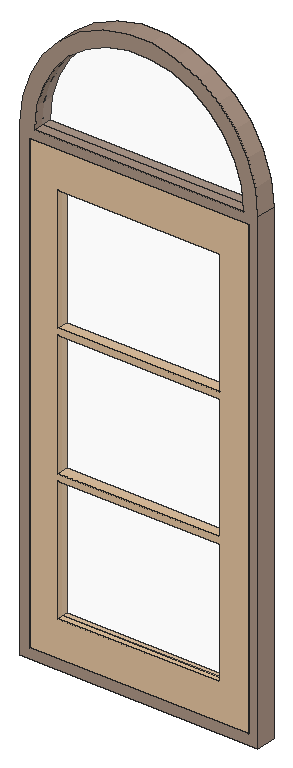
Revit family
Parameters (values of type "750x1500 mm")
  Top Rail = 100 mm
  Stile = 75 mm
  Shutter Material = Light Wood
  Panel Material = Glass (2)
  Height = 1500 mm
  Frame Width = 45 mm
  Frame Depth = 60 mm
  Frame Material = Dark Wood
  Default Sill Height = 800 mm
  Wall Closure = (empty or 0)
  Width = 750 mm
  Bottom Rail = 100 mm
Types (4, lengths in mm): name | Frame Depth | Width
  (no name) | 60 | 750
  600x1500 mm | 60 | 600
  450 x 1500 mm | 50 | 450
  750x1500 mm | 60 | 750
Reference planes
  plane 1: y = 5
  plane 2 "Center (Left/Right)": x = 0
  plane 3 "Left": x = -375
  plane 4 "Right": x = 375
  plane 5 "Sill": z = 800
  plane 6 "Head": z = 2300
  plane 7 "Exterior": y = 80
  plane 8 "Interior": y = -70
  plane 9: x = -330
  plane 10: x = 330
  plane 11: y = 35
  plane 12: y = -25
  plane 13: z = 2255
  plane 14: z = 845
  plane 15: x = -255
  plane 16: x = 255
  plane 17: z = 2155
  plane 18: z = 945
  plane 19: z = 2165
  plane 20: z = 935
  plane 21: z = 1755
  plane 22: z = 1345
  plane 23: z = 1550
Forms (mm)
  Sweep 1, solid, material "Dark Wood"
    path origin (0, 5, 0) x (1, 0, 0) y (0, 0, 1)
      loop
        line (-375, 800) -> (375, 800) -> (375, 2300) -> (-375, 2300) -> (-375, 800)
    profile origin (0, 0, 1550) x (-1, 0, 0) y (0, -1, 0)
      loop
        line (375, 25) -> (345, 25) -> (345, -10) -> (330, -10) -> (330, -35) -> (375, -35) -> (375, 25)
  Extrusion 2, solid, material "Light Wood" <- "Shutter Material"
    sketch origin (0, -25, 0) x (1, 0, 0) y (0, 0, 1)
      loop
        line (345, 2270) -> (-345, 2270) -> (-345, 830) -> (345, 830) -> (345, 2270)
      loop
        line (-255, 2155) -> (-255, 1765) -> (255, 1765) -> (255, 2155) -> (-255, 2155)
      loop
        line (-255, 945) -> (255, 945) -> (255, 1335) -> (-255, 1335) -> (-255, 945)
      loop
        line (-255, 1745) -> (-255, 1355) -> (255, 1355) -> (255, 1745) -> (-255, 1745)
    from 0 to -35
  Extrusion 3, solid, material "Glass (2)" <- "Panel Material"
    sketch origin (0, 0, 945) x (0, -1, 0) y (-1, 0, 0)
      loop
        line (5.5, -255) -> (9.5, -255) -> (9.5, 255) -> (5.5, 255) -> (5.5, -255)
    from 0 to -1210
  Sweep 4, solid, material "Dark Wood"
    path origin (0, 5, 0) x (1, 0, 0) y (0, 0, 1)
      loop
        arc (375, 2300) -> (0, 2675) -> (-375, 2300) r 375
    profile origin (0, 0, 0) x (0, 0, -1) y (0, -1, 0)
      loop
        line (-2675, 25) -> (-2675, -35) -> (-2630, -35) -> (-2630, 25) -> (-2675, 25)
  Extrusion 5, solid, material "Glass (2)" <- "Panel Material"
    sketch origin (0, 5, 0) x (1, 0, 0) y (0, 0, 1)
      loop
        arc (330, 2300) -> (0, 2630) -> (-330, 2300) r 330
        line (-330, 2300) -> (330, 2300)
    from -2 to 2
Cuts and joins
  joined: Sweep 1, Sweep 4
Lines and regions (mm)
  Opening 1
    outline origin (3500, -70, 0) x (1, 0, 0) y (0, 0, 1)
      loop
        line (-3125, 800) -> (-3125, 2300)
        arc (-3125, 2300) -> (-3500, 2675) -> (-3875, 2300) r 375
        line (-3875, 2300) -> (-3875, 800) -> (-3125, 800)
  symbolic lines, style "WindowsFrameMullionProjection", detail levels medium+fine
    curve 1: line (-375, -25, 0) -> (-375, 35, 0)
    curve 2: line (-375, 35, 0) -> (-330, 35, 0)
    curve 3: line (-330, 35, 0) -> (-330, 10, 0)
    curve 4: line (-345, 10, 0) -> (-330, 10, 0)
    curve 5: line (-345, 10, 0) -> (-345, -25, 0)
    curve 6: line (-345, -25, 0) -> (-375, -25, 0)
    curve 7: line (375, 35, 0) -> (375, -25, 0)
    curve 8: line (375, 35, 0) -> (330, 35, 0)
    curve 9: line (330, 10, 0) -> (330, 35, 0)
    curve 10: line (330, 10, 0) -> (345, 10, 0)
    curve 11: line (345, 10, 0) -> (345, -25, 0)
    curve 12: line (345, -25, 0) -> (375, -25, 0)
  symbolic lines, style "Plan Swing"
    curve 13: line (-345, 10, 0) -> (345, 10, 0)
    curve 14: line (-345, -25, 0) -> (345, -25, 0)
  symbolic lines, style "WindowsFrameMullionProjection", detail levels coarse
    curve 15: line (-345, -25, 0) -> (-375, -25, 0)
    curve 16: line (-345, 35, 0) -> (-345, -25, 0)
    curve 17: line (-375, 35, 0) -> (-345, 35, 0)
    curve 18: line (-375, -25, 0) -> (-375, 35, 0)
    curve 19: line (345, -25, 0) -> (375, -25, 0)
    curve 20: line (345, 35, 0) -> (345, -25, 0)
    curve 21: line (375, 35, 0) -> (345, 35, 0)
    curve 22: line (375, -25, 0) -> (375, 35, 0)
  symbolic lines, style "Elevation Swing Coarse", detail levels coarse
    curve 23: line (330, 0, 2255) -> (-330, 0, 1550)
    curve 24: line (330, 0, 845) -> (-330, 0, 1550)
  symbolic lines, style "Elevation Swing Fine", detail levels fine
    curve 25: line (330, 0, 2255) -> (-330, 0, 1550)
    curve 26: line (330, 0, 845) -> (-330, 0, 1550)
  symbolic lines, style "Elevation Swing Medium", detail levels medium
    curve 27: line (330, 0, 2255) -> (-330, 0, 1550)
    curve 28: line (330, 0, 845) -> (-330, 0, 1550)
Text (mm)
  text "EXTERIOR" at (-1963.203, 1332.353, 0), in view "Ref. Level"
  text "INTERIOR" at (-1981.466, -818.386, 0), in view "Ref. Level"
  text "Exterior" at (0, 923.751, 2943.296), in view "Right"
  text "Exterior" at (0, 1040.484, 2685.409), in view "Left"
Dimensions and locks
  equal spacing: plane 3 "Left", plane 2 "Center (Left/Right)", plane 4 "Right"
  "Width": plane 3 "Left" to plane 4 "Right"
  "Height": plane 5 "Sill" to plane 6 "Head"
  "Default Sill Height": plane 5 "Sill" to level
  locked: plane 7 "Exterior" to host wall at 0
  locked: plane 8 "Interior" to host wall
  locked: Sweep 1 sketch curve to Sweep 1 sketch curve at 15
  locked: Sweep 1 sketch curve to Sweep 1 sketch curve at 35
  "Frame Width": plane 3 "Left" to plane 9
  "Frame Width": plane 10 to plane 4 "Right"
  equal spacing: plane 12, plane 1, plane 11
  "Frame Depth": plane 12 to plane 11
  "Frame Width": plane 6 "Head" to plane 13
  "Frame Width": plane 14 to plane 5 "Sill"
  "Stile": plane 15 to plane 9
  "Stile": plane 10 to plane 16
  "Top Rail": plane 13 to plane 17
  "Bottom Rail": plane 18 to plane 14
  locked: Extrusion 2 to Extrusion 3 sketch curve at 15.5
  locked: Extrusion 3 sketch curve to Extrusion 2 at 15.5
  equal spacing: plane 19, plane 21, plane 22, plane 20
  locked: plane 19 to plane 17 at 10
  locked: plane 18 to plane 20 at 10
  equal spacing: plane 5 "Sill", plane 23, plane 6 "Head"
  "Frame Width": Sweep 4 sketch curve to Sweep 4 sketch curve
  equal spacing: plane 8 "Interior", plane 1, plane 7 "Exterior"
  aligned and locked: host wall to Sweep 1 sketch curve
  aligned and locked: Sweep 1 sketch curve to host wall  (x2)
  aligned and locked: plane 12 to Sweep 1 sketch curve
  aligned and locked: Sweep 1 sketch curve to plane 3 "Left"
  aligned and locked: plane 11 to Sweep 1 sketch curve
  aligned and locked: plane 9 to Sweep 1 sketch curve
  aligned and locked: Extrusion 2 sketch curve to plane 15
  aligned and locked: Extrusion 2 sketch curve to plane 17
  aligned and locked: plane 18 to Extrusion 2 sketch curve
  aligned and locked: plane 16 to Extrusion 2 sketch curve
  aligned and locked: Extrusion 2 to Extrusion 3 sketch curve
  aligned and locked: Extrusion 3 to Extrusion 2  (x2)
  aligned and locked: curve 1 to Sweep 1
  aligned and locked: curve 3 to Sweep 1
  aligned and locked: curve 4 to Sweep 1  (x2)
  aligned and locked: Sweep 1 to curve 7
  aligned and locked: curve 7 to Sweep 1
  aligned and locked: Sweep 1 to curve 9
  aligned and locked: curve 9 to Sweep 1
  aligned and locked: curve 11 to Sweep 1
  aligned and locked: Sweep 4 sketch curve to host wall
  aligned and locked: plane 12 to Sweep 4 sketch curve  (x2)
  aligned and locked: profile plane to Sweep 4 sketch curve
  aligned and locked: Sweep 4 sketch curve to plane 11
  aligned and locked: Extrusion 5 sketch curve to Sweep 4
  aligned and locked: curve 4 to curve 13
  aligned and locked: curve 15 to plane 12
  aligned and locked: Sweep 1 to curve 18
  aligned and locked: curve 18 to Sweep 1
  aligned and locked: plane 12 to curve 19
  aligned and locked: curve 22 to Sweep 1  (x2)
  aligned and locked: curve 23 to cut or joined group of Sweep 1, Sweep 4
  aligned and locked: cut or joined group of Sweep 1, Sweep 4 to curve 23
  aligned and locked: cut or joined group of Sweep 1, Sweep 4 to curve 24
Automatic sketch dimensions
  Extrusion 3 sketch curve to plane 16 = 0 mm
  Extrusion 2 sketch curve to plane 9 = 15 mm
  plane 10 to Extrusion 2 sketch curve = 15 mm
  plane 14 to Extrusion 2 sketch curve = 15 mm
  Extrusion 2 sketch curve to plane 22 = 10 mm
  plane 22 to Extrusion 2 sketch curve = 10 mm
  Extrusion 2 sketch curve to plane 21 = 10 mm
  plane 21 to Extrusion 2 sketch curve = 10 mm
  Extrusion 2 sketch curve to plane 13 = 15 mm
  Extrusion 2 sketch curve to plane 15 = 0 mm  (x2)
  Extrusion 2 sketch curve to plane 16 = 0 mm  (x2)
  Opening 1 sketch curve to plane 2 "Center (Left/Right)" = 0 mm
  Opening 1 sketch curve to plane 4 "Right" = 0 mm
  Opening 1 sketch curve to plane 5 "Sill" = 0 mm
  Opening 1 sketch curve to plane 6 "Head" = 0 mm
  Sweep 1 sketch curve to plane 6 "Head" = 0 mm
  curve 23 to plane 13 = 0 mm
  curve 25 to plane 10 = 0 mm
  curve 25 to plane 13 = 0 mm
  curve 27 to plane 10 = 0 mm
  curve 27 to plane 13 = 0 mm
  curve 23 to plane 23 = 0 mm
  curve 28 to plane 10 = 0 mm
  curve 28 to plane 14 = 0 mm
  curve 26 to plane 10 = 0 mm
  curve 26 to plane 14 = 0 mm
  curve 24 to plane 14 = 0 mm
